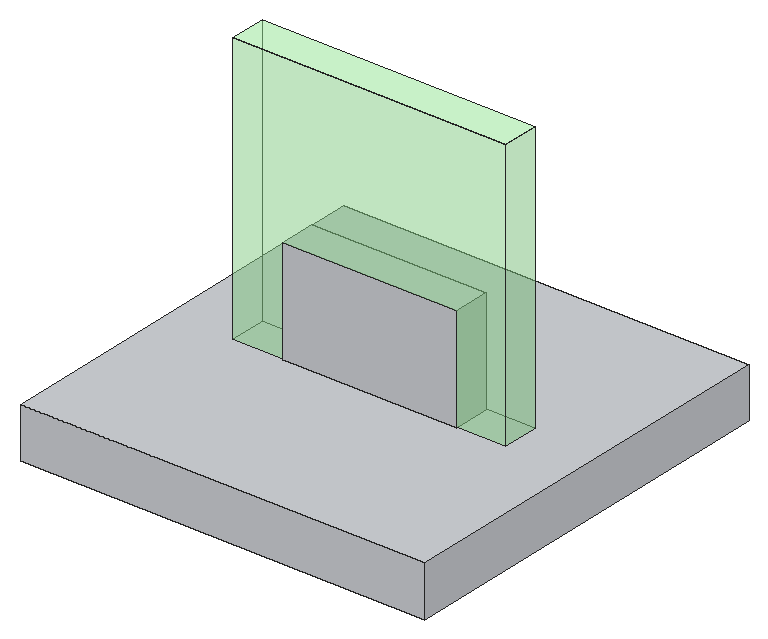
Revit family "RPF_FSN2E_1.0_to_2.5_LOD_200", category Equipement de génie climatique, Revit 2016
Family settings
  Hôte = Face
  Type d'élément = Normal
  Cote de connecteur circulaire = Utiliser le diamètre
  Numéro OmniClass = 23.75.00.00
  Titre OmniClass = Climate Control (HVAC)
  Couper avec des vides une fois chargée = Non
  Partagée = Non
  Point de calcul de pièce = Non
Parameters (values of type "RPF FSN2E 1.0")
  Usage Current = 5 A
  Sound power max (dB(A)) = 35
  Sound power level (dB(A)) = "57"
  Sound power at minimal load (dB(A)) = 29
  Sound power at medium load (dB(A)) = 32
  Refrigerant = "R410A (factory-charged corrosion-proof nitrogen)"
  Overall Width = 1045 mm
  Overall Height = 630 mm
  Overall Depth = 220 mm
  Number of Poles = "1"
  Nominal Voltage = 230 V
  Minimum Air Flow = 6000.0 L/min
  Minimum AC Voltage = 207 V
  Maximum Air Flow = 8500.0 L/min
  Maximum AC Voltage = 253 V
  Mass = 25.00 kg
  Operation and service space [instance] = yes
  Modèle = "RPF FSN2E"
  Void width = 157 mm
  Heating Capacity = 2.8 kW
  Frequency = 50 Hz
  Diamètre Gaz Entrée = 15 mm
  Diamètre Eau Sortie = 20 mm
  Diamètre Eau Entrée = 6 mm
  Fan motor input = 20 W
  Fabricant = "HITACHI"
  Default Elevation = 1219.2 mm
  Cooling Capacity = 2.5 kW
  Color = "Spring white (4.1Y8.5/0.7)"
  BC_OBJECT_ID = "6675"  # constant formula
  Air Flow (HiH/Hi/Me/low) m3/min = "8.5/7/6"
Types (4, lengths in mm): name | Sound power max (dB(A)) | Sound power level (dB(A)) | Sound power at minimal load (dB(A)) | Sound power at medium load (dB(A)) | Overall Width | Minimum Air Flow | Maximum Air Flow | Mass | Heating Capacity | Diamètre Gaz Entrée | Diamètre Eau Entrée | Fan motor input | Cooling Capacity | Air Flow (HiH/Hi/Me/low) m3/min
  RPF FSN2E 1.0 | 35 | "57" | 29 | 32 | 1045 | 6000.0 L/min | 8500.0 L/min | 25.00 kg | 2.8 kW | 15 | 6 | 20 W | 2.5 kW | "8.5/7/6"
  RPF FSN2E 2.5 | 42 | "60" | 34 | 38 | 1420 | 11000.0 L/min | 16000.0 L/min | 34.00 kg | 6.3 kW | 18 | 10 | 45 W | 5.6 kW | "16/14/11"
  RPF FSN2E 2.0 | 39 | "60" | 32 | 36 | 1420 | 11000.0 L/min | 16000.0 L/min | 33.00 kg | 5.6 kW | 18 | 6 | 45 W | 5 kW | "16/14/11"
  RPF FSN2E 1.5 | 38 | "60" | 31 | 35 | 1170 | 6000.0 L/min | 8500.0 L/min | 28.00 kg | 4 kW | 15 | 6 | 28 W | 3.6 kW | "8.5/7/6"
Reference planes
  plane 1 "Centre (avant/arrière)": y = 0
  plane 2: z = 0
  plane 3 "Centre (gauche/droite)": x = 0
  plane 4 "AVANT": y = 110
  plane 5 "DROITE": x = 522.5
  plane 6 "GAUCHE": x = -522.5
  plane 7 "ARRIERE": y = -110
  plane 8: z = -285
  plane 9 "AVANT FACADE": y = 522.5
  plane 10 "ARRIER FACADE": y = -522.5
  plane 11 "GAUCHE FACADE": x = -310
  plane 12 "DROIT FACADE": x = 332.5
  plane 13 "Facade": z = 630
  plane 14: x = 359.5
  plane 15: x = 366.5
  plane 16: x = 340.5
  plane 17: y = 78.5
  plane 18: y = -78.5
  plane 19 "L1": z = 1630
  plane 20 "B": x = 822.5
  plane 21 "A": x = -822.5
Forms (mm)
  Extrusion 1, solid
    sketch origin (0, 0, 0) x (1, 0, 0) y (0, 1, 0)
      loop
        line (-1219.2, 1219.2) -> (-1219.2, -1219.2) -> (1219.2, -1219.2) -> (1219.2, 1219.2) -> (-1219.2, 1219.2)
    from 0 to -304.8
  Extrusion 2, solid
    sketch origin (0, 0, 0) x (1, 0, 0) y (0, 1, 0)
      loop
        line (-522.5, -110) -> (522.5, -110) -> (522.5, 110) -> (-522.5, 110) -> (-522.5, -110)
    from 0 to 630
  Extrusion 3, void
    sketch origin (0, 110, 0) x (-1, 0, 0) y (0, 0, 1)
      loop
        line (-332.5, 20) -> (-332.5, 604.963) -> (-510.476, 604.963) -> (-510.476, 20) -> (-332.5, 20)
    from -188.5 to -31.5
  Extrusion 4, solid
    sketch origin (332.5, 0, 0) x (0, 1, 0) y (0, 0, 1)
      loop
        circle (58, 529) r 3
    from 0 to 27
  Extrusion 5, solid
    sketch origin (332.5, 0, -90) x (0, 1, 0) y (0, 0, 1)
      loop
        circle (-23, 478) r 7.5
    from 0 to 34
  Extrusion 6, solid
    sketch origin (332.5, 0, -210) x (0, 1, 0) y (0, 0, 1)
      loop
        circle (-24, 476) r 10
    from 0 to 8
  Extrusion 7, solid, material "Operation and service space", visible <- "Operation and service space"
    sketch origin (0, 0, 0) x (1, 0, 0) y (0, 1, 0)
      loop
        line (-822.5, 110) -> (-822.5, -110) -> (822.5, -110) -> (822.5, 110) -> (-822.5, 110)
    from 0 to 1630
Cuts and joins
  Extrusion 3 cuts Extrusion 2
Lines and regions (mm)
  model lines, style "MechanicalEquipmentHiddenLines", visible <- "Operation and service space"
    curve 1: line (-822.5, 110, 1630) -> (822.5, 110, 1630)
    curve 2: line (-822.5, 110, 0) -> (-822.5, 110, 1630)
    curve 3: line (822.5, 110, 0) -> (-822.5, 110, 0)
    curve 4: line (822.5, 110, 1630) -> (822.5, 110, 0)
    curve 5: line (-822.5, -110, 1630) -> (822.5, -110, 1630)
    curve 6: line (-822.5, -110, 0) -> (-822.5, -110, 1630)
    curve 7: line (822.5, -110, 0) -> (-822.5, -110, 0)
    curve 8: line (822.5, -110, 1630) -> (822.5, -110, 0)
    curve 9: line (-822.5, -110, 1630) -> (-822.5, 110, 1630)
    curve 10: line (-822.5, -110, 0) -> (-822.5, 110, 0)
    curve 11: line (822.5, -110, 0) -> (822.5, 110, 0)
    curve 12: line (822.5, -110, 1630) -> (822.5, 110, 1630)
Dimensions and locks
  equal spacing: plane 6 "GAUCHE", plane 3 "Centre (gauche/droite)", plane 5 "DROITE"
  equal spacing: plane 7 "ARRIERE", plane 1 "Centre (avant/arrière)", plane 4 "AVANT"
  "Overall Width": plane 6 "GAUCHE" to plane 5 "DROITE"
  "Overall Depth": plane 4 "AVANT" to plane 7 "ARRIERE"
  "Overall Height": plane 13 "Facade" to plane 2
  plane 12 "DROIT FACADE" to plane 5 "DROITE" = 190 mm
  Extrusion 4 sketch curve to plane 4 "AVANT" = 52 mm
  Extrusion 4 sketch curve to plane 2 = 529 mm
  Extrusion 5 sketch curve to plane 2 = 388 mm
  Extrusion 5 sketch curve to plane 4 "AVANT" = 133 mm
  Extrusion 6 sketch curve to plane 2 = 266 mm
  Extrusion 6 sketch curve to plane 4 "AVANT" = 134 mm
  plane 14 to plane 5 "DROITE" = 163 mm
  plane 15 to plane 5 "DROITE" = 156 mm
  plane 16 to plane 5 "DROITE" = 182 mm
  "Void width": plane 17 to plane 18
  equal spacing: plane 18, plane 1 "Centre (avant/arrière)", plane 17
  equal spacing: plane 20 "B", plane 3 "Centre (gauche/droite)", plane 21 "A"
  locked: plane 6 "GAUCHE" to plane 21 "A" at 300
  locked: plane 19 "L1" to plane 13 "Facade" at 1000
  "Diamètre Eau Entrée": diameter of Extrusion 4 sketch curve
  "Diamètre Gaz Entrée": diameter of Extrusion 5 sketch curve
  "Diamètre Eau Sortie": diameter of Extrusion 6 sketch curve
  aligned and locked: plane 2 to Extrusion 1
  aligned and locked: level to Extrusion 1
  aligned and locked: Extrusion 2 sketch curve to plane 6 "GAUCHE"
  aligned and locked: Extrusion 2 sketch curve to plane 7 "ARRIERE"
  aligned and locked: Extrusion 2 sketch curve to plane 5 "DROITE"
  aligned and locked: Extrusion 2 to plane 13 "Facade"
  aligned and locked: plane 12 "DROIT FACADE" to Extrusion 3 sketch curve
  aligned and locked: plane 14 to Extrusion 4
  aligned and locked: plane 15 to Extrusion 5
  aligned and locked: plane 16 to Extrusion 6
  aligned and locked: plane 17 to Extrusion 3
  aligned and locked: plane 18 to Extrusion 3
  aligned and locked: plane 19 "L1" to curve 1
  aligned and locked: curve 2 to plane 21 "A"
  aligned and locked: curve 3 to level
  aligned and locked: plane 20 "B" to curve 4
  aligned and locked: Extrusion 7 sketch curve to curve 3
  aligned and locked: Extrusion 7 sketch curve to curve 10
  aligned and locked: Extrusion 7 sketch curve to cut or joined group of Extrusion 2, Extrusion 3
  aligned and locked: plane 19 "L1" to Extrusion 7
  aligned and locked: Extrusion 7 sketch curve to plane 20 "B"
Automatic sketch dimensions
  Extrusion 1 sketch curve to Extrusion 1 sketch curve = 2438.4 mm  (x2)
  Extrusion 2 sketch curve to plane 4 "AVANT" = 0 mm
  Extrusion 3 sketch curve to plane 5 "DROITE" = 12.024 mm
  level to Extrusion 3 sketch curve = 20 mm
  Extrusion 3 sketch curve to plane 13 "Facade" = 25.037 mm
  curve 7 to level = 0 mm
  curve 5 to plane 21 "A" = 0 mm
  curve 8 to plane 20 "B" = 0 mm
  curve 6 to plane 19 "L1" = 0 mm
  curve 10 to level = 0 mm
  curve 9 to plane 4 "AVANT" = 0 mm
  curve 9 to plane 19 "L1" = 0 mm
  curve 10 to plane 4 "AVANT" = 0 mm
  curve 10 to plane 7 "ARRIERE" = 0 mm
  curve 9 to plane 7 "ARRIERE" = 0 mm
  curve 11 to level = 0 mm
  curve 12 to plane 4 "AVANT" = 0 mm
  curve 12 to plane 19 "L1" = 0 mm
  curve 11 to plane 4 "AVANT" = 0 mm
  curve 12 to plane 7 "ARRIERE" = 0 mm
  curve 11 to plane 7 "ARRIERE" = 0 mm
Connectors
  piping at (359.5, 58, 529), diameter 6, driven by "Diamètre Eau Entrée"
    settings: on Extrusion 4, index 1, connector inside diameter 609.6 mm, connector length 0 mm, flow factor 0, pipe flow 0.0 L/s, pressure drop 0.0 Pa, fitting loss kfactor 0, connector angle 0.00°, fixture units 0, engagement length 0 mm, angle of deflection 0.00°, flow configuration 0, flow direction 0, fitting loss method 0, system type 29, joint type 0, gender type 0, connector reference index -1, connector utility 0, adjustable connector no, is connector primary yes, connector description ""
  piping at (366.5, -23, 388), diameter 15, driven by "Diamètre Gaz Entrée"
    settings: on Extrusion 5, index 2, connector inside diameter 609.6 mm, connector length 0 mm, flow factor 0, pipe flow 0.0 L/s, pressure drop 0.0 Pa, fitting loss kfactor 0, connector angle 0.00°, fixture units 0, engagement length 0 mm, angle of deflection 0.00°, flow configuration 0, flow direction 0, fitting loss method 0, system type 29, joint type 0, gender type 0, connector reference index -1, connector utility 0, adjustable connector no, is connector primary no, connector description ""
  piping at (340.5, -24, 266), diameter 20, driven by "Diamètre Eau Sortie"
    settings: on Extrusion 6, index 3, connector inside diameter 609.6 mm, connector length 0 mm, flow factor 0, pipe flow 0.0 L/s, pressure drop 0.0 Pa, fitting loss kfactor 0, connector angle 0.00°, fixture units 0, engagement length 0 mm, angle of deflection 0.00°, flow configuration 0, flow direction 0, fitting loss method 0, system type 16, joint type 0, gender type 0, connector reference index -1, connector utility 0, adjustable connector no, is connector primary no, connector description ""
  electrical at (-522.5, 0, 315), driven by "Nominal Voltage"
    settings: on cut or joined group of Extrusion 2, Extrusion 3, index 4, voltage 230 V, apparent load 0 VA, apparent load phase1 0 VA, apparent load phase2 0 VA, apparent load phase3 0 VA, power factor 1, load classification "Autre", number of poles 1, system type 30, power factor state 1, is connector primary yes, connector utility no, sub classification motor no, connector description ""
